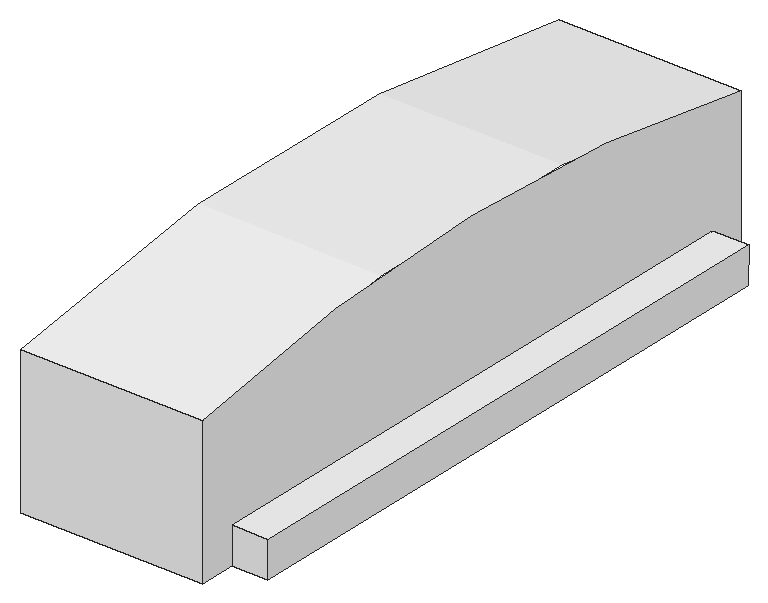
Revit family "SP-AU", category Устройства связи, Revit 2016
Family settings
  Сохранять ориентацию аннотаций = Нет
  Тип детали = Нормальный
  Размер круглого соединителя = Использовать диаметр
  На основе рабочей плоскости = Да
  Всегда вертикально = Нет
  При загрузке вырезать с полостями = Нет
  Общий = Да
  Точка расчета площади = Нет
Parameters (values of type "SP-AU WHITE")
  Цвет = "Белый"
  Размер = "185x60 мм"  # constant formula
  Default Elevation = 0 mm
  Описание = "Дополнительная аудиотрубка, которая подключается непосредственно к домофону AU-04L. Это решение идеально подходит для тех, кто желает конфиденциальности в разговорах."  # constant formula
  Материал корпуса = SHV_Белый пластик
  Изображение типоразмера = <Нет>
  Изготовитель = "BAS-IP"  # constant formula
  Группа модели = "Трубка"  # constant formula
  URL = "https://www.bas-ip.ru"
  Email = "support@bimlib.ru"  # constant formula
  BIM library = "https://bimlib.ru/manufacturer/"  # constant formula
  ADSK_Размер_Ширина = 185 mm  # constant formula
  ADSK_Размер_Толщина = 50 mm  # constant formula
  ADSK_Размер_Длина = 50 mm  # constant formula
  ADSK_Примечание = ""
  ADSK_Позиция = ""
  ADSK_Обозначение = ""
  ADSK_Наименование краткое = ADSK_Марка  # "SP-AU WHITE"
  ADSK_Наименование = "SIP ТРУБКА SP-02P"
  ADSK_Масса_Текст = ""
  ADSK_Марка = "SP-AU WHITE"
  ADSK_Код изделия = ""
  ADSK_Зона = ""
  ADSK_Завод-изготовитель = Изготовитель  # "BAS-IP"
  ADSK_Единица измерения = "шт"  # constant formula
  ADSK_Версия Revit = "Revit 2016"  # constant formula
  ADSK_URL страницы изделия = "https://www.bas-ip.ru/catalog/accessories/bas-ip-sp-au/"
  ADSK_URL документации изделия = ""
Types (3, lengths in mm): name | Цвет | Материал корпуса | ADSK_Наименование краткое | ADSK_Марка
  (no name) | "Белый" | SHV_Белый пластик | "SP-AU WHITE" | "SP-AU WHITE"
  SP-AU BLACK | "Черный" | SHV_Черный пластик | "SP-AU BLACK" | "SP-AU BLACK"
  SP-AU WHITE | "Белый" | SHV_Белый пластик | "SP-AU WHITE" | "SP-AU WHITE"
Reference planes
  plane 1 "По центру (Вперед/Назад)": y = 0
  plane 2: z = 0
  plane 3 "По центру (Влево/Вправо)": x = 0
  plane 4: x = -25
  plane 5: y = 92.5
  plane 6: x = 25
  plane 7: y = -92.5
  plane 8: z = 50
  plane 9 "Плоскость для коннекторов": z = 0
  plane 10: x = 35
  plane 11: y = 82.5
  plane 12: y = -82.5
Forms (mm)
  Extrusion 1, solid, material "SHV_Белый пластик" <- "Материал корпуса", detail levels medium+fine
    sketch origin (0, 0, 0) x (1, 0, 0) y (0, 1, 0)
      loop
        line (-25, 92.5) -> (-25, -92.5) -> (25, -92.5) -> (25, 92.5) -> (-25, 92.5)
    from 0 to 50
  Extrusion 2, void
    sketch origin (0, 0, 0) x (0, 1, 0) y (0, 0, 1)
      loop
        line (92.5, 55) -> (-92.5, 55) -> (-92.5, 40)
        arc (-92.5, 40) -> (0, 50) -> (92.5, 40) r 432.813
        line (92.5, 40) -> (92.5, 55)
    from -25 to 25
  Extrusion 3, solid, material "SHV_Белый пластик" <- "Материал корпуса", detail levels medium+fine
    sketch origin (0, 0, 0) x (1, 0, 0) y (0, 1, 0)
      loop
        line (35, 82.5) -> (25, 82.5) -> (25, -82.5) -> (35, -82.5) -> (35, 82.5)
    from 0 to 10
Cuts and joins
  Extrusion 2 cuts Extrusion 1
  joined: Extrusion 1, Extrusion 3
Lines and regions (mm)
  model lines, detail levels coarse
    curve 1: line (-25, 92.5, 0) -> (25, 92.5, 0)
    curve 2: line (-25, -92.5, 0) -> (-25, 92.5, 0)
    curve 3: line (25, -92.5, 0) -> (-25, -92.5, 0)
    curve 4: line (25, 92.5, 0) -> (25, -92.5, 0)
Dimensions and locks
  equal spacing: plane 4, plane 3 "По центру (Влево/Вправо)", plane 6
  "ADSK_Размер_Длина": plane 4 to plane 6
  "ADSK_Размер_Ширина": plane 5 to plane 7
  equal spacing: plane 5, plane 1 "По центру (Вперед/Назад)", plane 7
  "ADSK_Размер_Толщина": plane 8 to plane 2
  plane 3 "По центру (Влево/Вправо)" to Extrusion 1 = 25 mm
  Extrusion 2 to level = 55 mm
  locked: plane 5 to plane 11 at 10
  equal spacing: plane 11, plane 1 "По центру (Вперед/Назад)", plane 12
  plane 6 to plane 10 = 10 mm
  aligned and locked: level to plane 2
  aligned and locked: Extrusion 1 sketch curve to plane 4
  aligned and locked: Extrusion 1 sketch curve to plane 5
  aligned and locked: Extrusion 1 sketch curve to plane 6
  aligned and locked: Extrusion 1 sketch curve to plane 7
  aligned and locked: curve 1 to Extrusion 1
  aligned and locked: curve 2 to Extrusion 1
  aligned and locked: curve 3 to Extrusion 1
  aligned and locked: curve 4 to Extrusion 1
  aligned and locked: plane 8 to Extrusion 1
  aligned and locked: Extrusion 1 to plane 9 "Плоскость для коннекторов"
  aligned and locked: Extrusion 2 to plane 4
  aligned and locked: plane 6 to Extrusion 2
Automatic sketch dimensions
  Extrusion 3 sketch curve to plane 6 = 0 mm
  Extrusion 3 sketch curve to plane 10 = 0 mm
  Extrusion 3 sketch curve to plane 12 = 0 mm
  Extrusion 3 sketch curve to plane 11 = 0 mm
  Extrusion 2 sketch curve to plane 7 = 0 mm
  Extrusion 2 sketch curve to plane 1 "По центру (Вперед/Назад)" = 0 mm
  Extrusion 2 sketch curve to plane 5 = 0 mm
  Extrusion 2 sketch curve to level = 382.813 mm
  Extrusion 2 sketch curve to plane 8 = 10 mm
  plane 8 to Extrusion 2 sketch curve = 5 mm
Connectors
  electrical at (0, -49.5, 0)
    settings: on plane 9 "Плоскость для коннекторов", index 5, voltage 0 V, apparent load 0 VA, apparent load phase1 0 VA, apparent load phase2 0 VA, apparent load phase3 0 VA, power factor 1, load classification "Прочее", number of poles 1, system type 5, power factor state 1, is connector primary yes, connector utility no, sub classification motor no, connector description "RJ-45 Ethernet UTP Cat5e"
